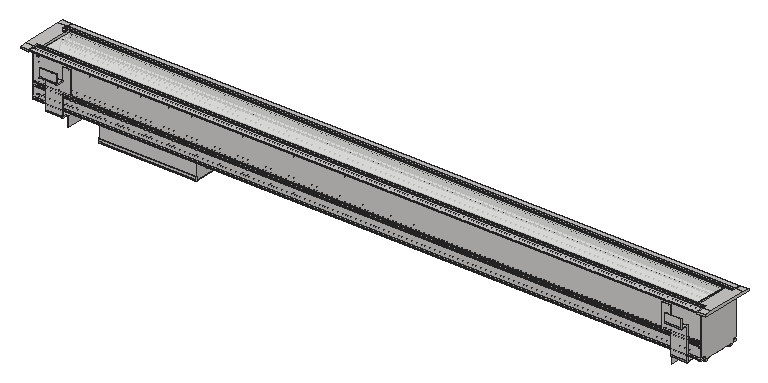
Revit family "CLighting-Luminii-Vesta_2_G", category Lighting Fixtures, host Face, Revit 2020
Family settings
  Host = Face
  Round Connector Dimension = Use Diameter
  Part Type = Normal
  OmniClass Number = 23.80.70.11.14.21
  OmniClass Title = Spots and Tracklight Specialties
  Cut with Voids When Loaded = No
  Light Source = Yes
  Shared = Yes
  Room Calculation Point = No
Parameters (values of type "Vesta 2 G - 4'")
  Width = 3.8189"  # constant formula
  Wattage Comments = "3.8 W"
  Wattage = 3.8 W
  Warranty URL = "https://www.luminii.com/terms-conditions/"
  built-in parameter 1150110 = 1 (stored number, unit not read)
  Voltage Comments = "120/277/347V"  # constant formula
  Voltage = 120 V
  Version = "2020 - v1.0a"  # constant formula
  URL = "https://www.luminii.com/"
  built-in parameter 1114217 = 1 (stored number, unit not read)
  Tilt Angle = -90.00°  # constant formula
  built-in parameter 1150109 = 1 (stored number, unit not read)
  built-in parameter 1150134 = (empty or 0)
  built-in parameter 1150113 = 1 (stored number, unit not read)
  Support Phone = "224-699-9545"  # constant formula
  Support Email = "mailto:support@bimsmith.com"
  Slot Bracket Height (1-11/16") [instance] = not([Slot Bracket Height (1-1/2")])  # no
  Slot Bracket Height (1-1/2") [instance] = yes
  Right Junction Box [instance] = not(Left Junction Box)  # no
  Right Cap [instance] = yes
  Product Page URL = "https://www.luminii.com/product/vesta-2-g/"
  Power Source Type = "Driver"  # constant formula
  Power Factor = 1
  Photometric Web File = "359-90-4-35-25-XX-04.ies"
  Phase = 1
  Operating Temperature = "Consult Manufacturer Website for more Information"  # constant formula
  Number of Poles = if(and(or(Voltage = 120 V, Voltage = 277 V), Phase = 1), 1, if(and(or(Voltage = 208 V, Voltage = 240 V), Phase = 1), 2, if(and(or(Voltage = 208 V, Voltage = 240 V), Phase = 3), 3, if(and(Voltage > 300 V, Phase = 1), 2, if(and(Voltage > 400 V, Phase = 3), 3, 1)))))  # 1
  Mounting Method = "Designed for suspended T-grid ceilings"  # constant formula
  Model = "Consult Manufacturer for More Information"  # constant formula
  Manufacturer Phone Number = "403-216-7043"  # constant formula
  Manufacturer Email = "mailto: info@sensolighting.com"
  Manufacturer Address = "302 50 Ave SE. Calgary, Alberta, T2G 2A9 Canada"  # constant formula
  Manufacturer = "Luminii"  # constant formula
  built-in parameter 1150105 = 51.407 (stored number, unit not read)
  Lumens = 646 lm
  Luminaire Type = "Recessed LED system designed for suspended T-grid ceilings"  # constant formula
  built-in parameter 1150115 = 1 (stored number, unit not read)
  Load Classification = Lighting
  built-in parameter 1150137 = (empty or 0)
  built-in parameter 1150139 = (empty or 0)
  Length = if(Constraints = 1, 24", if(Constraints = 2, 48", if(Constraints = 3, 60", if(Constraints = 4, 72", if(Constraints = 5, 96", if(Constraints = 6, 120", if(Constraints = 7, 144", 24")))))))  # 48"
  Left Junction Box [instance] = yes
  Left Cap [instance] = yes
  built-in parameter 1150112 = 1 (stored number, unit not read)
  built-in parameter 1150114 = 1 (stored number, unit not read)
  Lamp Life = 1
  Lamp = "N/A"  # constant formula
  Keynote = "26 50 00"
  built-in parameter 1150132 = (empty or 0)
  built-in parameter 1150102 = (empty or 0)
  built-in parameter 1150107 = 3500 (stored number, unit not read)
  built-in parameter 1150138 = (empty or 0)
  built-in parameter 1150106 = 0.51407 (stored number, unit not read)
  Housing Protection Rating = "Consult Manufacturer Website for more Information"  # constant formula
  Has Dimming = 1 = 1  # yes
  Has Battery Backup = 1 = 1  # yes
  Frequency Comments = ""  # constant formula
  Frequency = 60 Hz
  Finish = Metal - Luminii - Silver Anodized Aluminum
  Environment = "Indoor"  # constant formula
  Emit from Rectangle Width = 2.39528"  # constant formula
  Emit from Rectangle Length = Length - 0.56" * 2  # 46.88"
  Emit Shape Visible in Rendering = no
  built-in parameter 1150104 = 15.794 (stored number, unit not read)
  Dimming Type = "Consult Manufacturer Website for more Information"  # constant formula
  Dimming Lamp Color Temperature Shift = <None>
  Description = "T-grid linear lighting"  # constant formula
  Depth = 3.54331"  # constant formula
  Default Elevation = 0"  # constant formula
  Current Amps = 50 A
  Copyright = "©2023 Luminii"  # constant formula
  Control Zone = "Consult Manufacturer Website for more Information"  # constant formula
  Control Type = "Consult Manufacturer Website for more Information"  # constant formula
  Constraints = 2
  Color Filter = 16777215
  built-in parameter 1114216 [instance] = 0  # (empty or 0)
  built-in parameter 1140040 [instance] = 1 = 1  # 1
  C Right Cap Offset [instance] = if(Right Cap, 0.3752", 0")  # 0.3752"
  C Length Mid = Length / 2  # 24"
  C Left Cap Offset [instance] = if(Left Cap, 0.3752", 0")  # 0.3752"
  C End Cap Right [instance] = if(Right Cap, 0.04764", 0")  # 0.04764"
  C End Cap Left [instance] = if(Left Cap, 0.04764", 0")  # 0.04764"
  built-in parameter 1114218 = 1 (stored number, unit not read)
  built-in parameter 1150133 = 10 (stored number, unit not read)
  Assembly Code = "D5020230"
  Apparent Load = Wattage / Power Factor  # 3.8 VA
Types (5): name | Photometric Web File | Length | Emit from Rectangle Length | Constraints | C Length Mid
  Vesta 2 G - 4' | "359-90-4-35-25-XX-04.ies" | 48" | 46.88" | 2 | 24"
  Vesta 2 G - 6' | "359-90-4-35-25-XX-06.ies" | 72" | 70.88" | 4 | 36"
  Vesta 2 G - 8' | "359-90-4-35-25-XX-08.ies" | 96" | 94.88" | 5 | 48"
  Vesta 2 G - 10' | "359-90-4-35-25-XX-10.ies" | 120" | 118.88" | 6 | 60"
  Vesta 2 G - 12' | "359-90-4-35-25-XX-12.ies" | 144" | 142.88" | 7 | 72"
Reference planes (in)
  plane 1 "Center (Front/Back)": y = 0
  plane 2: z = 0
  plane 3 "Center (Left/Right)": x = 0
  plane 4: x = -24
  plane 5: x = 24
  plane 6: y = 1.90945
  plane 7: y = -1.90945
  plane 8 "A": z = 0
  plane 9: x = -24.04764
  plane 10: x = 24.04764
Forms (in)
  Extrusion 1, solid, material "Metal - Luminii - Silver Anodized Aluminum", not visible
    sketch origin (0, 0, 0) x (1, 0, 0) y (0, 1, 0)
      loop
        circle (0, 0) r 0.5
    from 0 to -0.17225
Dimensions and locks (in)
  equal spacing: plane 4, plane 3 "Center (Left/Right)", plane 5
  equal spacing: plane 6, plane 1 "Center (Front/Back)", plane 7
  "Width": plane 6 to plane 7
  "C End Cap Right": plane 5 to plane 10
  "C End Cap Left": plane 9 to plane 4
  "C Length Mid": plane 4 to plane 3 "Center (Left/Right)"
  "C Length Mid": plane 3 "Center (Left/Right)" to plane 5
  locked: imposter light to host face at 0.14173
  aligned and locked: host face to plane 2
  aligned and locked: plane 3 "Center (Left/Right)" to Extrusion 1 sketch curve
  aligned and locked: plane 1 "Center (Front/Back)" to Extrusion 1 sketch curve
  aligned and locked: plane 2 to Extrusion 1  (x2)
  aligned and locked: nested 1 to plane 4
  aligned and locked: plane 1 "Center (Front/Back)" to nested 1
  aligned and locked: imposter light to plane 1 "Center (Front/Back)"
  aligned and locked: plane 3 "Center (Left/Right)" to imposter light
Automatic sketch dimensions
  host sketch curve to host sketch curve = 193.24349"
  host sketch curve to host sketch curve = 99"
  radius of Extrusion 1 sketch curve = 1/2"
Nested families (in)
  nested 1: "Nested - Track" at (0, 0, 0), type "Nested - Track"
    with Slot Bracket Height Option 1 no, Slot Bracket Height 1.25787", Right Junction Box no, Length 48"
Connectors (in)
  electrical at (0, 0, 0), driven by "Number of Poles", driven by "Load Classification", driven by "Voltage", driven by "Apparent Load", driven by "Power Factor"
    settings: on Extrusion 1, index 1, voltage 120 V, apparent load 3.8 VA, apparent load phase1 0 VA, apparent load phase2 0 VA, apparent load phase3 0 VA, power factor 1, load classification "Lighting", number of poles 1, system type 30, power factor state 1, is connector primary yes, connector utility no, sub classification motor no, connector description "Power Connection"
Definition of nested family "Nested - Track"
  Parameters (values of type "Nested - Track")
    Slot Bracket Height Option 1 = yes
    Slot Bracket Height = if(Slot Bracket Height Option 1, 1.44252", 1.25787")  # 1.44252"
    Right Junction Box = yes
    Right Cap = yes
    Light = none
    Length = 46 5/8"
    Left Junction Box = yes
    Left Cap = yes
    Finish = none
    Default Elevation = 48"
  Reference planes (in)
    plane 1 "Center (Front/Back)": y = 0
    plane 2: z = 0
    plane 3 "Center (Left/Right)": x = 0
    plane 4: x = -23.3125
    plane 5: x = 23.3125
  Forms (in)
    Extrusion 1, solid
      sketch origin (0, 0, 0) x (1, 0, 0) y (0, 1, 0)
        loop
          line (-48, 48) -> (-48, -48) -> (48, -48) -> (48, 48) -> (-48, 48)
      from 0 to -12
    Sweep 2, solid, material <- "Finish", detail levels fine
      path origin (0, 0, 0) x (1, 0, 0) y (0, 1, 0)
        loop
          line (-23.3125, 0) -> (23.3125, 0)
      profile origin (0, 0, 0) x (0, 1, 0) y (0, 0, 1)
        loop
          line (1.39452, -0.11811) -> (1.43051, -0.1541)
          arc (1.43051, -0.1541) -> (1.44758, -0.17965) -> (1.45357, -0.20978) r 0.07874
          line (1.45357, -0.20978) -> (1.45357, -0.25585)
          arc (1.45357, -0.25585) -> (1.32562, -0.38381) -> (1.19767, -0.25585) r 0.12795
          line (1.19767, -0.25585) -> (1.19767, -0.20978)
          arc (1.19767, -0.20978) -> (1.20366, -0.17965) -> (1.22073, -0.1541) r 0.07874
          line (1.22073, -0.1541) -> (1.25672, -0.11811) -> (1.25672, 0.15748) -> (1.19767, 0.15748) -> (1.19767, 0.08268)
          arc (1.19767, 0.08268) -> (1.1919, 0.06876) -> (1.17798, 0.06299) r 0.01969
          line (1.17798, 0.06299) -> (1.10121, 0.06299) -> (1.05973, 0.02151) -> (1.07365, -0.03543) -> (1.14648, -0.03543)
          arc (1.14648, -0.03543) -> (1.1604, -0.0412) -> (1.16617, -0.05512) r 0.01969
          line (1.16617, -0.05512) -> (1.16617, -0.13051) -> (1.07115, -0.34394) -> (1.12114, -0.39393)
          arc (1.12114, -0.39393) -> (1.20285, -0.46954) -> (1.09383, -0.49207) r 0.0626
          arc (1.09383, -0.49207) -> (1.03847, -0.48615) -> (1.03255, -0.54151) r 0.03937
          arc (1.03255, -0.54151) -> (1.05641, -0.56481) -> (1.08506, -0.58187) r 0.14134
          line (1.08506, -0.58187) -> (1.1289, -0.6014)
          arc (1.1289, -0.6014) -> (1.15399, -0.66674) -> (1.08864, -0.69182) r 0.04949
          line (1.08864, -0.69182) -> (0.96276, -0.63578)
          arc (0.96276, -0.63578) -> (0.9477, -0.63538) -> (0.93677, -0.64575) r 0.01969
          line (0.93677, -0.64575) -> (0.90794, -0.71049) -> (1.12371, -0.80656)
          arc (1.12371, -0.80656) -> (1.15546, -0.88926) -> (1.07276, -0.921) r 0.06264
          line (1.07276, -0.921) -> (0.85699, -0.82494) -> (0.80415, -0.94363) -> (0.87608, -0.97565) -> (0.92806, -0.9557) -> (1.03596, -1.00374)
          arc (1.03596, -1.00374) -> (1.17425, -0.99681) -> (1.25046, -0.88121) r 0.15319
          line (1.25046, -0.88121) -> (1.28422, -0.58608)
          arc (1.28422, -0.58608) -> (1.29713, -0.56117) -> (1.32334, -0.55118) r 0.03937
          line (1.32334, -0.55118) -> (1.4142, -0.55118)
          arc (1.4142, -0.55118) -> (1.44204, -0.56271) -> (1.45357, -0.59055) r 0.03937
          line (1.45357, -0.59055) -> (1.45357, -1.21598) -> (1.42601, -1.27615) -> (1.42601, -1.40102) -> (1.45357, -1.46119) -> (1.45357, -1.7126)
          arc (1.45357, -1.7126) -> (1.44204, -1.74044) -> (1.4142, -1.75197) r 0.03937
          line (1.4142, -1.75197) -> (1.32125, -1.75197)
          arc (1.32125, -1.75197) -> (1.29595, -1.74276) -> (1.28248, -1.71943) r 0.03937
          line (1.28248, -1.71943) -> (1.26253, -1.6063) -> (1.18379, -1.6063) -> (1.18379, -1.84252) -> (1.45357, -1.84252) -> (1.45357, -1.99942) -> (1.31184, -2.08125)
          arc (1.31184, -2.08125) -> (1.27149, -2.1216) -> (1.25672, -2.17672) r 0.11024
          line (1.25672, -2.17672) -> (1.25672, -2.40685)
          arc (1.25672, -2.40685) -> (1.30248, -2.49626) -> (1.40177, -2.51144) r 0.11024
          arc (1.40177, -2.51144) -> (1.43723, -2.51687) -> (1.45357, -2.5488) r 0.03937
          line (1.45357, -2.5488) -> (1.45357, -2.6811)
          arc (1.45357, -2.6811) -> (1.44204, -2.70894) -> (1.4142, -2.72047) r 0.03937
          line (1.4142, -2.72047) -> (1.29609, -2.72047)
          arc (1.29609, -2.72047) -> (1.26624, -2.73418) -> (1.25717, -2.76575) r 0.03937
          arc (1.25717, -2.76575) -> (1.26624, -2.79732) -> (1.29609, -2.81102) r 0.03937
          line (1.29609, -2.81102) -> (1.4142, -2.81102)
          arc (1.4142, -2.81102) -> (1.44204, -2.82255) -> (1.45357, -2.85039) r 0.03937
          line (1.45357, -2.85039) -> (1.45357, -2.88976)
          arc (1.45357, -2.88976) -> (1.44203, -2.91762) -> (1.41416, -2.92913) r 0.03937
          line (1.41416, -2.92913) -> (0.35121, -2.92913)
          arc (0.35121, -2.92913) -> (0.33729, -2.9349) -> (0.33152, -2.94882) r 0.01969
          line (0.33152, -2.94882) -> (0.33152, -3.15748)
          arc (0.33152, -3.15748) -> (0.32576, -3.1714) -> (0.31184, -3.17717) r 0.01969
          line (0.31184, -3.17717) -> (0.25278, -3.17717)
          arc (0.25278, -3.17717) -> (0.23886, -3.1714) -> (0.2331, -3.15748) r 0.01969
          line (0.2331, -3.15748) -> (0.2331, -2.94882)
          arc (0.2331, -2.94882) -> (0.22733, -2.9349) -> (0.21341, -2.92913) r 0.01969
          line (0.21341, -2.92913) -> (0, -2.92913) -> (-0.21341, -2.92913)
          arc (-0.21341, -2.92913) -> (-0.22733, -2.9349) -> (-0.2331, -2.94882) r 0.01969
          line (-0.2331, -2.94882) -> (-0.2331, -3.15748)
          arc (-0.2331, -3.15748) -> (-0.23886, -3.1714) -> (-0.25278, -3.17717) r 0.01969
          line (-0.25278, -3.17717) -> (-0.31184, -3.17717)
          arc (-0.31184, -3.17717) -> (-0.32576, -3.1714) -> (-0.33152, -3.15748) r 0.01969
          line (-0.33152, -3.15748) -> (-0.33152, -2.94882)
          arc (-0.33152, -2.94882) -> (-0.33729, -2.9349) -> (-0.35121, -2.92913) r 0.01969
          line (-0.35121, -2.92913) -> (-1.41416, -2.92913)
          arc (-1.41416, -2.92913) -> (-1.44203, -2.91762) -> (-1.45357, -2.88976) r 0.03937
          line (-1.45357, -2.88976) -> (-1.45357, -2.85039)
          arc (-1.45357, -2.85039) -> (-1.44204, -2.82255) -> (-1.4142, -2.81102) r 0.03937
          line (-1.4142, -2.81102) -> (-1.29609, -2.81102)
          arc (-1.29609, -2.81102) -> (-1.26624, -2.79732) -> (-1.25717, -2.76575) r 0.03937
          arc (-1.25717, -2.76575) -> (-1.26624, -2.73418) -> (-1.29609, -2.72047) r 0.03937
          line (-1.29609, -2.72047) -> (-1.4142, -2.72047)
          arc (-1.4142, -2.72047) -> (-1.44204, -2.70894) -> (-1.45357, -2.6811) r 0.03937
          line (-1.45357, -2.6811) -> (-1.45357, -2.5488)
          arc (-1.45357, -2.5488) -> (-1.43723, -2.51687) -> (-1.40177, -2.51144) r 0.03937
          arc (-1.40177, -2.51144) -> (-1.30248, -2.49626) -> (-1.25672, -2.40685) r 0.11024
          line (-1.25672, -2.40685) -> (-1.25672, -2.17672)
          arc (-1.25672, -2.17672) -> (-1.27149, -2.1216) -> (-1.31184, -2.08125) r 0.11024
          line (-1.31184, -2.08125) -> (-1.45357, -1.99942) -> (-1.45357, -1.84252) -> (-1.18379, -1.84252) -> (-1.18379, -1.6063) -> (-1.26253, -1.6063) -> (-1.28248, -1.71943)
          arc (-1.28248, -1.71943) -> (-1.29595, -1.74276) -> (-1.32125, -1.75197) r 0.03937
          line (-1.32125, -1.75197) -> (-1.4142, -1.75197)
          arc (-1.4142, -1.75197) -> (-1.44204, -1.74044) -> (-1.45357, -1.7126) r 0.03937
          line (-1.45357, -1.7126) -> (-1.45357, -1.46119) -> (-1.42601, -1.40102) -> (-1.42601, -1.27615) -> (-1.45357, -1.21598) -> (-1.45357, -0.59055)
          arc (-1.45357, -0.59055) -> (-1.44204, -0.56271) -> (-1.4142, -0.55118) r 0.03937
          line (-1.4142, -0.55118) -> (-1.32334, -0.55118)
          arc (-1.32334, -0.55118) -> (-1.29713, -0.56117) -> (-1.28422, -0.58608) r 0.03937
          line (-1.28422, -0.58608) -> (-1.25046, -0.88121)
          arc (-1.25046, -0.88121) -> (-1.17425, -0.99681) -> (-1.03596, -1.00374) r 0.15319
          line (-1.03596, -1.00374) -> (-0.92806, -0.9557) -> (-0.87608, -0.97565) -> (-0.80415, -0.94363) -> (-0.85699, -0.82494) -> (-1.07276, -0.921)
          arc (-1.07276, -0.921) -> (-1.15546, -0.88926) -> (-1.12371, -0.80656) r 0.06264
          line (-1.12371, -0.80656) -> (-0.90794, -0.71049) -> (-0.93677, -0.64575)
          arc (-0.93677, -0.64575) -> (-0.9477, -0.63538) -> (-0.96276, -0.63578) r 0.01969
          line (-0.96276, -0.63578) -> (-1.08864, -0.69182)
          arc (-1.08864, -0.69182) -> (-1.15399, -0.66674) -> (-1.1289, -0.6014) r 0.04949
          line (-1.1289, -0.6014) -> (-1.08506, -0.58187)
          arc (-1.08506, -0.58187) -> (-1.05641, -0.56481) -> (-1.03255, -0.54151) r 0.14134
          arc (-1.03255, -0.54151) -> (-1.03847, -0.48615) -> (-1.09383, -0.49207) r 0.03937
          arc (-1.09383, -0.49207) -> (-1.20285, -0.46954) -> (-1.12114, -0.39393) r 0.0626
          line (-1.12114, -0.39393) -> (-1.07115, -0.34394) -> (-1.16617, -0.13051) -> (-1.16617, -0.05512)
          arc (-1.16617, -0.05512) -> (-1.1604, -0.0412) -> (-1.14648, -0.03543) r 0.01969
          line (-1.14648, -0.03543) -> (-1.07365, -0.03543) -> (-1.05973, 0.02151) -> (-1.10121, 0.06299) -> (-1.17798, 0.06299)
          arc (-1.17798, 0.06299) -> (-1.1919, 0.06876) -> (-1.19767, 0.08268) r 0.01969
          line (-1.19767, 0.08268) -> (-1.19767, 0.15748) -> (-1.25672, 0.15748) -> (-1.25672, -0.11811) -> (-1.22073, -0.1541)
          arc (-1.22073, -0.1541) -> (-1.20366, -0.17965) -> (-1.19767, -0.20978) r 0.07874
          line (-1.19767, -0.20978) -> (-1.19767, -0.25585)
          arc (-1.19767, -0.25585) -> (-1.32562, -0.38381) -> (-1.45357, -0.25585) r 0.12795
          line (-1.45357, -0.25585) -> (-1.45357, -0.20978)
          arc (-1.45357, -0.20978) -> (-1.44758, -0.17965) -> (-1.43051, -0.1541) r 0.07874
          line (-1.43051, -0.1541) -> (-1.39452, -0.11811) -> (-1.39452, 0.15748) -> (-1.45357, 0.15748) -> (-1.92145, 0.11655) -> (-1.91642, 0.05906) -> (-1.85582, 0.05906) -> (-1.56552, 0.08445)
          arc (-1.56552, 0.08445) -> (-1.55051, 0.07936) -> (-1.54412, 0.06484) r 0.01969
          line (-1.54412, 0.06484) -> (-1.54412, -2.02897)
          arc (-1.54412, -2.02897) -> (-1.53885, -2.04866) -> (-1.52444, -2.06307) r 0.03937
          line (-1.52444, -2.06307) -> (-1.34727, -2.16535) -> (-1.34727, -2.22181)
          arc (-1.34727, -2.22181) -> (-1.35711, -2.23886) -> (-1.3768, -2.23886) r 0.01969
          line (-1.3768, -2.23886) -> (-1.48275, -2.17769)
          arc (-1.48275, -2.17769) -> (-1.5386, -2.19269) -> (-1.52366, -2.24855) r 0.04091
          line (-1.52366, -2.24855) -> (-1.34727, -2.35039) -> (-1.34727, -2.40685)
          arc (-1.34727, -2.40685) -> (-1.35711, -2.4239) -> (-1.3768, -2.4239) r 0.01969
          line (-1.3768, -2.4239) -> (-1.48507, -2.36139)
          arc (-1.48507, -2.36139) -> (-1.52444, -2.36139) -> (-1.54412, -2.39548) r 0.03937
          line (-1.54412, -2.39548) -> (-1.54412, -3.01968) -> (-1.26853, -3.01969)
          arc (-1.26853, -3.01969) -> (-1.20581, -3.08232) -> (-1.26853, -3.14496) r 0.06264
          line (-1.26853, -3.14496) -> (-1.54412, -3.14496) -> (-1.54412, -3.21583)
          arc (-1.54412, -3.21583) -> (-1.53836, -3.22975) -> (-1.52444, -3.23551) r 0.01969
          line (-1.52444, -3.23551) -> (-1.18192, -3.23551)
          arc (-1.18192, -3.23551) -> (-1.168, -3.24128) -> (-1.16223, -3.2552) r 0.01969
          line (-1.16223, -3.2552) -> (-1.16223, -3.36614)
          arc (-1.16223, -3.36614) -> (-1.15647, -3.38006) -> (-1.14255, -3.38583) r 0.01969
          line (-1.14255, -3.38583) -> (-1.10318, -3.38583)
          arc (-1.10318, -3.38583) -> (-1.08926, -3.38006) -> (-1.08349, -3.36614) r 0.01969
          line (-1.08349, -3.36614) -> (-1.08349, -3.17717)
          arc (-1.08349, -3.17717) -> (-1.07773, -3.16325) -> (-1.06381, -3.15748) r 0.01969
          line (-1.06381, -3.15748) -> (-1.0041, -3.15748) -> (-0.94718, -3.27953) -> (-0.87817, -3.27953)
          arc (-0.87817, -3.27953) -> (-0.86157, -3.27042) -> (-0.86033, -3.25152) r 0.01969
          line (-0.86033, -3.25152) -> (-0.95538, -3.04769)
          arc (-0.95538, -3.04769) -> (-0.95414, -3.02879) -> (-0.93754, -3.01968) r 0.01969
          line (-0.93754, -3.01968) -> (-0.42207, -3.01968) -> (-0.42207, -3.22835)
          arc (-0.42207, -3.22835) -> (-0.41054, -3.25619) -> (-0.3827, -3.26772) r 0.03937
          line (-0.3827, -3.26772) -> (0, -3.26772) -> (0.3827, -3.26772)
          arc (0.3827, -3.26772) -> (0.41054, -3.25619) -> (0.42207, -3.22835) r 0.03937
          line (0.42207, -3.22835) -> (0.42207, -3.01968) -> (0.93754, -3.01968)
          arc (0.93754, -3.01968) -> (0.95414, -3.02879) -> (0.95538, -3.04769) r 0.01969
          line (0.95538, -3.04769) -> (0.86033, -3.25152)
          arc (0.86033, -3.25152) -> (0.86157, -3.27042) -> (0.87817, -3.27953) r 0.01969
          line (0.87817, -3.27953) -> (0.94718, -3.27953) -> (1.0041, -3.15748) -> (1.06381, -3.15748)
          arc (1.06381, -3.15748) -> (1.07773, -3.16325) -> (1.08349, -3.17717) r 0.01969
          line (1.08349, -3.17717) -> (1.08349, -3.36614)
          arc (1.08349, -3.36614) -> (1.08926, -3.38006) -> (1.10318, -3.38583) r 0.01969
          line (1.10318, -3.38583) -> (1.14255, -3.38583)
          arc (1.14255, -3.38583) -> (1.15647, -3.38006) -> (1.16223, -3.36614) r 0.01969
          line (1.16223, -3.36614) -> (1.16223, -3.2552)
          arc (1.16223, -3.2552) -> (1.168, -3.24128) -> (1.18192, -3.23551) r 0.01969
          line (1.18192, -3.23551) -> (1.52444, -3.23551)
          arc (1.52444, -3.23551) -> (1.53836, -3.22975) -> (1.54412, -3.21583) r 0.01969
          line (1.54412, -3.21583) -> (1.54412, -3.14496) -> (1.26853, -3.14496)
          arc (1.26853, -3.14496) -> (1.20581, -3.08232) -> (1.26853, -3.01969) r 0.06264
          line (1.26853, -3.01969) -> (1.54412, -3.01968) -> (1.54412, -2.39548)
          arc (1.54412, -2.39548) -> (1.52444, -2.36139) -> (1.48507, -2.36139) r 0.03937
          line (1.48507, -2.36139) -> (1.3768, -2.4239)
          arc (1.3768, -2.4239) -> (1.35711, -2.4239) -> (1.34727, -2.40685) r 0.01969
          line (1.34727, -2.40685) -> (1.34727, -2.35039) -> (1.52366, -2.24855)
          arc (1.52366, -2.24855) -> (1.5386, -2.19269) -> (1.48275, -2.17769) r 0.04091
          line (1.48275, -2.17769) -> (1.3768, -2.23886)
          arc (1.3768, -2.23886) -> (1.35711, -2.23886) -> (1.34727, -2.22181) r 0.01969
          line (1.34727, -2.22181) -> (1.34727, -2.16535) -> (1.52444, -2.06307)
          arc (1.52444, -2.06307) -> (1.53885, -2.04866) -> (1.54412, -2.02897) r 0.03937
          line (1.54412, -2.02897) -> (1.54412, 0.06484)
          arc (1.54412, 0.06484) -> (1.55051, 0.07936) -> (1.56552, 0.08445) r 0.01969
          line (1.56552, 0.08445) -> (1.85582, 0.05906) -> (1.91642, 0.05906) -> (1.92145, 0.11655) -> (1.45357, 0.15748) -> (1.39452, 0.15748) -> (1.39452, -0.11811)
    Extrusion 3, solid, material <- "Light"
      sketch origin (0, 0, 0.05906) x (0, 1, 0) y (0, 0, 1)
        loop
          arc (-1.14092, 0.08268) -> (-1.17039, 0.07115) -> (-1.18192, 0.04331) r 0.03937
          line (-1.18192, 0.04331) -> (-1.18192, 0.00394) -> (-1.04412, 0.00394) -> (-1.04412, -0.07172) -> (-1.08011, -0.10771)
          arc (-1.08011, -0.10771) -> (-1.10318, -0.16339) -> (-1.08011, -0.21906) r 0.07874
          line (-1.08011, -0.21906) -> (-1.03502, -0.26416)
          arc (-1.03502, -0.26416) -> (-0.99883, -0.26416) -> (-0.99883, -0.22797) r 0.02559
          line (-0.99883, -0.22797) -> (-1.06341, -0.16339) -> (-0.99294, -0.09292) -> (-0.99294, 0.00394) -> (0.99294, 0.00394) -> (0.99294, -0.09292) -> (1.06341, -0.16339) -> (0.99883, -0.22797)
          arc (0.99883, -0.22797) -> (0.99883, -0.26416) -> (1.03502, -0.26416) r 0.02559
          line (1.03502, -0.26416) -> (1.08011, -0.21906)
          arc (1.08011, -0.21906) -> (1.10318, -0.16339) -> (1.08011, -0.10771) r 0.07874
          line (1.08011, -0.10771) -> (1.04412, -0.07172) -> (1.04412, 0.00394) -> (1.18192, 0.00394) -> (1.18192, 0.04331)
          arc (1.18192, 0.04331) -> (1.17039, 0.07115) -> (1.14255, 0.08268) r 0.03937
          line (1.14255, 0.08268) -> (-1.14092, 0.08268)
      from -22.75 to 22.75
    Sweep 4, solid, material <- "Finish", detail levels coarse+medium
      path origin (0, 0, 0) x (1, 0, 0) y (0, 1, 0)
        loop
          line (-23.3125, 0) -> (23.3125, 0)
      profile origin (0, 0, 0) x (0, 1, 0) y (0, 0, 1)
        loop
          line (1.45357, -1.75197) -> (1.28822, -1.75197) -> (1.26253, -1.6063) -> (1.18379, -1.6063) -> (1.18379, -1.84252) -> (1.45357, -1.84252) -> (1.45357, -2.92913) -> (-0.02543, -2.92913) -> (-1.45357, -2.92913) -> (-1.45357, -1.84252) -> (-1.18379, -1.84252) -> (-1.18379, -1.6063) -> (-1.26253, -1.6063) -> (-1.28822, -1.75197) -> (-1.45357, -1.75197) -> (-1.45357, -0.59055)
          arc (-1.45357, -0.59055) -> (-1.44204, -0.56271) -> (-1.4142, -0.55118) r 0.03937
          line (-1.4142, -0.55118) -> (-1.32334, -0.55118)
          arc (-1.32334, -0.55118) -> (-1.29713, -0.56117) -> (-1.28422, -0.58608) r 0.03937
          line (-1.28422, -0.58608) -> (-1.25046, -0.88121)
          arc (-1.25046, -0.88121) -> (-1.17425, -0.99681) -> (-1.03596, -1.00374) r 0.15319
          line (-1.03596, -1.00374) -> (-0.92806, -0.9557) -> (-0.87608, -0.97565) -> (-0.80415, -0.94363) -> (-1.16617, -0.13051) -> (-1.16617, -0.05512)
          arc (-1.16617, -0.05512) -> (-1.1604, -0.0412) -> (-1.14648, -0.03543) r 0.01969
          line (-1.14648, -0.03543) -> (-1.07365, -0.03543) -> (-1.05973, 0.02151) -> (-1.10121, 0.06299) -> (-1.17798, 0.06299)
          arc (-1.17798, 0.06299) -> (-1.1919, 0.06876) -> (-1.19767, 0.08268) r 0.01969
          line (-1.19767, 0.08268) -> (-1.19767, 0.15748) -> (-1.45357, 0.15748) -> (-1.92145, 0.11655) -> (-1.91642, 0.05906) -> (-1.54412, 0.05906) -> (-1.54412, -3.23551) -> (-1.16223, -3.23551) -> (-1.16223, -3.38583) -> (-1.08349, -3.38583) -> (-1.08349, -3.01968) -> (-0.42207, -3.01968) -> (-0.42207, -3.26772) -> (0, -3.26772) -> (0.42207, -3.26772) -> (0.42207, -3.01968) -> (1.08349, -3.01968) -> (1.08349, -3.38583) -> (1.16223, -3.38583) -> (1.16223, -3.23551) -> (1.54412, -3.23551) -> (1.54412, 0.05906) -> (1.91642, 0.05906) -> (1.92145, 0.11655) -> (1.45357, 0.15748) -> (1.19767, 0.15748) -> (1.19767, 0.08268)
          arc (1.19767, 0.08268) -> (1.1919, 0.06876) -> (1.17798, 0.06299) r 0.01969
          line (1.17798, 0.06299) -> (1.10121, 0.06299) -> (1.05973, 0.02151) -> (1.07365, -0.03543) -> (1.14648, -0.03543)
          arc (1.14648, -0.03543) -> (1.1604, -0.0412) -> (1.16617, -0.05512) r 0.01969
          line (1.16617, -0.05512) -> (1.16617, -0.13051) -> (0.80415, -0.94363) -> (0.87608, -0.97565) -> (0.92806, -0.9557) -> (1.03596, -1.00374)
          arc (1.03596, -1.00374) -> (1.17425, -0.99681) -> (1.25046, -0.88121) r 0.15319
          line (1.25046, -0.88121) -> (1.28422, -0.58608)
          arc (1.28422, -0.58608) -> (1.29713, -0.56117) -> (1.32334, -0.55118) r 0.03937
          line (1.32334, -0.55118) -> (1.4142, -0.55118)
          arc (1.4142, -0.55118) -> (1.44204, -0.56271) -> (1.45357, -0.59055) r 0.03937
          line (1.45357, -0.59055) -> (1.45357, -1.75197)
    Extrusion 5, solid, material <- "Finish"
      sketch origin (0, 0, 0) x (0, 1, 0) y (0, 0, 1)
        loop
          line (1.04821, -0.31522) -> (0.56, -1.41176) -> (-0.56, -1.41176) -> (-1.04821, -0.31522) -> (-1.07734, -0.32819) -> (-0.58121, -1.44252) -> (0.58121, -1.44252) -> (1.07734, -0.32819) -> (1.04821, -0.31522)
      from -23.3125 to 23.3125
  Lines and regions (in)
    reference lines
      curve 1: line (0, 2.52411, -1.44252) -> (0, -2.97589, -1.44252)
      curve 2: line (22.32825, 0, -9.15777) -> (22.32825, 0, 2.09223)
      curve 3: line (-22.32825, 0, -9.15777) -> (-22.32825, 0, 2.09223)
      curve 4: line (35.6875, 0, -4.71932) -> (-33.3125, 0, -4.71932)
  Dimensions and locks (in)
    equal spacing: plane 4, plane 3 "Center (Left/Right)", plane 5
    "Length": plane 4 to plane 5
    locked: plane 4 to Extrusion 3 at 0.5625
    locked: Extrusion 3 to plane 5 at 0.5625
    locked: plane 5 to curve 2 at 0.98425
    locked: curve 3 to plane 4 at 0.98425
    locked: nested 6 to plane 4 at 4.375
    locked: plane 5 to nested 5 at 4.375
    locked: level to curve 4 at 4.71932
    "Slot Bracket Height": Extrusion 1 to curve 1
    aligned and locked: plane 2 to Extrusion 1
    aligned and locked: level to Extrusion 1
    aligned and locked: plane 4 to Sweep 2 sketch curve
    aligned and locked: plane 1 "Center (Front/Back)" to Sweep 2 sketch curve
    aligned and locked: plane 5 to Sweep 2 sketch curve
    aligned and locked: plane 4 to Sweep 4 sketch curve
    aligned and locked: plane 5 to Sweep 4 sketch curve
    aligned and locked: plane 1 "Center (Front/Back)" to Sweep 4 sketch curve
    aligned and locked: plane 1 "Center (Front/Back)" to nested 1
    aligned and locked: nested 2 to plane 1 "Center (Front/Back)"
    aligned and locked: plane 4 to nested 2
    aligned and locked: plane 5 to nested 1
    aligned and locked: nested 3 to curve 1
    aligned and locked: plane 1 "Center (Front/Back)" to nested 3
    aligned and locked: curve 2 to nested 3
    aligned and locked: curve 1 to nested 4
    aligned and locked: nested 4 to plane 1 "Center (Front/Back)"
    aligned and locked: curve 3 to nested 4
    aligned and locked: plane 1 "Center (Front/Back)" to nested 5
    aligned and locked: Extrusion 5 to plane 4
    aligned and locked: plane 5 to Extrusion 5
    aligned and locked: nested 6 to curve 4
    aligned and locked: curve 4 to nested 5
  Automatic sketch dimensions
    Extrusion 1 sketch curve to Extrusion 1 sketch curve = 96"  (x2)
    Sweep 2 sketch curve to Sweep 2 sketch curve = 0"  (x51)
    Sweep 2 sketch curve to profile plane = 0"  (x2)
    profile plane to Sweep 2 sketch curve = 0.21341"
    Sweep 2 sketch curve to Sweep 2 sketch curve = 0.01969"  (x37)
    Sweep 2 sketch curve to Sweep 2 sketch curve = 0.01968"  (x4)
    Sweep 2 sketch curve to Sweep 2 sketch curve = 0.05906"  (x4)
    Sweep 2 sketch curve to Sweep 2 sketch curve = 0.09843"
    Sweep 2 sketch curve to Sweep 2 sketch curve = 0.07087"  (x7)
    profile plane to Sweep 2 sketch curve = 0.80415"
    Sweep 2 sketch curve to Sweep 2 sketch curve = 0.05284"  (x2)
    Sweep 2 sketch curve to Sweep 2 sketch curve = 0.43826"  (x2)
    Sweep 2 sketch curve to Sweep 2 sketch curve = 0.07193"  (x2)
    Sweep 2 sketch curve to Sweep 2 sketch curve = 0.01784"  (x4)
    Sweep 2 sketch curve to Sweep 2 sketch curve = 0.05095"  (x2)
    Sweep 2 sketch curve to Sweep 2 sketch curve = 0.05198"  (x2)
    Sweep 2 sketch curve to Sweep 2 sketch curve = 0.02882"  (x2)
    Sweep 2 sketch curve to Sweep 2 sketch curve = 0.07721"  (x2)
    Sweep 2 sketch curve to Sweep 2 sketch curve = 0.06901"  (x2)
    Sweep 2 sketch curve to Sweep 2 sketch curve = 0.01798"  (x2)
    Sweep 2 sketch curve to Sweep 2 sketch curve = 0.00801"  (x4)
    Sweep 2 sketch curve to Sweep 2 sketch curve = 0.04872"  (x2)
    Sweep 2 sketch curve to Sweep 2 sketch curve = 0.1079"  (x2)
    level to Sweep 2 sketch curve = 0.02151"  (x2)
    Sweep 2 sketch curve to Sweep 2 sketch curve = 0.09697"  (x2)
    Sweep 2 sketch curve to Sweep 2 sketch curve = 0.10043"  (x2)
    Sweep 2 sketch curve to Sweep 2 sketch curve = 0.05971"  (x2)
    Sweep 2 sketch curve to level = 0.34394"  (x2)
    Sweep 2 sketch curve to Sweep 2 sketch curve = 0.00795"  (x2)
    Sweep 2 sketch curve to Sweep 2 sketch curve = 0.0368"  (x2)
    Sweep 2 sketch curve to level = 0.03543"  (x2)
    Sweep 2 sketch curve to Sweep 2 sketch curve = 0.01392"  (x2)
    Sweep 2 sketch curve to level = 0.58187"  (x2)
    Sweep 2 sketch curve to Sweep 2 sketch curve = 0.02187"  (x2)
    Sweep 2 sketch curve to Sweep 2 sketch curve = 0.00358"  (x2)
    Sweep 2 sketch curve to Sweep 2 sketch curve = 0.02548"  (x2)
    Sweep 2 sketch curve to Sweep 2 sketch curve = 0.00003"  (x2)
    level to Sweep 2 sketch curve = 0.06299"
    Sweep 2 sketch curve to Sweep 2 sketch curve = 0.04148"  (x3)
    Sweep 2 sketch curve to Sweep 2 sketch curve = 0.02013"  (x2)
    Sweep 2 sketch curve to level = 0.39393"  (x2)
    Sweep 2 sketch curve to Sweep 2 sketch curve = 0.04999"  (x2)
    Sweep 2 sketch curve to Sweep 2 sketch curve = 0.02544"  (x2)
    Sweep 2 sketch curve to Sweep 2 sketch curve = 0.04384"  (x2)
    Sweep 2 sketch curve to Sweep 2 sketch curve = 0.03937"  (x21)
    Sweep 2 sketch curve to Sweep 2 sketch curve = 0.02141"  (x2)
    Sweep 2 sketch curve to Sweep 2 sketch curve = 0.07283"  (x2)
    Sweep 2 sketch curve to Sweep 2 sketch curve = 0.07677"  (x2)
    Sweep 2 sketch curve to Sweep 2 sketch curve = 0.14783"  (x2)
    Sweep 2 sketch curve to level = 0.20978"  (x2)
    Sweep 2 sketch curve to Sweep 2 sketch curve = 0.0315"  (x2)
    Sweep 2 sketch curve to level = 0.25585"  (x2)
    Sweep 2 sketch curve to level = 0.1541"  (x4)
    Sweep 2 sketch curve to Sweep 2 sketch curve = 0.05456"  (x2)
    Sweep 2 sketch curve to level = 0.88121"  (x2)
    Sweep 2 sketch curve to Sweep 2 sketch curve = 0.12675"  (x2)
    Sweep 2 sketch curve to level = 0.11811"  (x2)
    Sweep 2 sketch curve to Sweep 2 sketch curve = 0.03599"  (x6)
    Sweep 2 sketch curve to Sweep 2 sketch curve = 0.07293"  (x2)
    Sweep 2 sketch curve to Sweep 2 sketch curve = 0.07874"  (x3)
    Sweep 2 sketch curve to Sweep 2 sketch curve = 0.08653"  (x2)
    Sweep 2 sketch curve to Sweep 2 sketch curve = 0.00008"  (x4)
    Sweep 2 sketch curve to Sweep 2 sketch curve = 0.01995"  (x4)
    Sweep 2 sketch curve to level = 0.58608"  (x2)
    Sweep 2 sketch curve to Sweep 2 sketch curve = 0.15532"  (x2)
    Sweep 2 sketch curve to Sweep 2 sketch curve = 0.02756"  (x6)
    Sweep 2 sketch curve to Sweep 2 sketch curve = 0.05512"  (x2)
    Sweep 2 sketch curve to Sweep 2 sketch curve = 0.03877"  (x2)
    Sweep 2 sketch curve to Sweep 2 sketch curve = 0.03911"  (x2)
    Sweep 2 sketch curve to Sweep 2 sketch curve = 0.04921"  (x4)
    Sweep 2 sketch curve to Sweep 2 sketch curve = 0.09055"  (x12)
    Sweep 2 sketch curve to Sweep 2 sketch curve = 0.00984"  (x4)
    Sweep 2 sketch curve to Sweep 2 sketch curve = 0.11807"  (x2)
    Sweep 2 sketch curve to Sweep 2 sketch curve = 0.09086"  (x2)
    Sweep 2 sketch curve to Sweep 2 sketch curve = 0.0374"  (x2)
    Sweep 2 sketch curve to Sweep 2 sketch curve = 0.11811"  (x2)
    Sweep 2 sketch curve to Sweep 2 sketch curve = 0.00004"  (x2)
    Sweep 2 sketch curve to Sweep 2 sketch curve = 0.09295"  (x2)
    Sweep 2 sketch curve to Sweep 2 sketch curve = 0.16348"  (x2)
    Sweep 2 sketch curve to level = 0.59055"  (x2)
    Sweep 2 sketch curve to Sweep 2 sketch curve = 0.11579"  (x2)
    Sweep 2 sketch curve to Sweep 2 sketch curve = 0.10827"  (x2)
    Sweep 2 sketch curve to Sweep 2 sketch curve = 0.02042"  (x2)
    Sweep 2 sketch curve to Sweep 2 sketch curve = 0.05118"  (x3)
    Sweep 2 sketch curve to Sweep 2 sketch curve = 0.0205"  (x2)
    Sweep 2 sketch curve to Sweep 2 sketch curve = 0.25591"  (x2)
    level to Sweep 2 sketch curve = 0.08445"  (x2)
    Sweep 2 sketch curve to Sweep 2 sketch curve = 0.00172"  (x2)
    level to Sweep 2 sketch curve = 0.05906"  (x2)
    Sweep 2 sketch curve to Sweep 2 sketch curve = 0.2903"  (x2)
    Sweep 2 sketch curve to Sweep 2 sketch curve = 0.06059"  (x2)
    level to Sweep 2 sketch curve = 0.11655"  (x2)
    Sweep 2 sketch curve to Sweep 2 sketch curve = 0.00503"
    Sweep 2 sketch curve to Sweep 2 sketch curve = 0.21341"
    Sweep 2 sketch curve to profile plane = 0.80415"
    Sweep 2 sketch curve to level = 0.13051"
    Sweep 2 sketch curve to Sweep 2 sketch curve = 0.05568"
    Sweep 2 sketch curve to Sweep 2 sketch curve = 0.1378"
    level to Sweep 2 sketch curve = 0.15748"
    Sweep 2 sketch curve to Sweep 2 sketch curve = 0.0398"  (x2)
    Sweep 2 sketch curve to Sweep 2 sketch curve = 0.02262"  (x2)
    Sweep 2 sketch curve to Sweep 2 sketch curve = 0.01207"  (x2)
    Sweep 2 sketch curve to Sweep 2 sketch curve = 0.08274"  (x2)
    Sweep 2 sketch curve to Sweep 2 sketch curve = 0.33477"  (x2)
    Sweep 2 sketch curve to Sweep 2 sketch curve = 0.06017"  (x4)
    Sweep 2 sketch curve to Sweep 2 sketch curve = 0.12487"  (x2)
    Sweep 2 sketch curve to Sweep 2 sketch curve = 0.14511"  (x2)
    Sweep 2 sketch curve to Sweep 2 sketch curve = 0.1063"  (x2)
    Sweep 2 sketch curve to Sweep 2 sketch curve = 0.12308"  (x2)
    Sweep 2 sketch curve to Sweep 2 sketch curve = 0.1569"  (x2)
    Sweep 2 sketch curve to Sweep 2 sketch curve = 0.02955"  (x2)
    Sweep 2 sketch curve to Sweep 2 sketch curve = 0.08183"  (x2)
    Sweep 2 sketch curve to Sweep 2 sketch curve = 0.01137"  (x2)
    Sweep 2 sketch curve to Sweep 2 sketch curve = 0.00097"  (x2)
    Sweep 2 sketch curve to Sweep 2 sketch curve = 0.03546"  (x2)
    Sweep 2 sketch curve to Sweep 2 sketch curve = 0.04509"  (x2)
    Sweep 2 sketch curve to Sweep 2 sketch curve = 0.11154"  (x2)
    Sweep 2 sketch curve to Sweep 2 sketch curve = 0.11284"  (x2)
    Sweep 2 sketch curve to Sweep 2 sketch curve = 0.05646"  (x2)
    Sweep 2 sketch curve to Sweep 2 sketch curve = 0.1323"  (x2)
    Sweep 2 sketch curve to Sweep 2 sketch curve = 0.01181"  (x2)
    Sweep 2 sketch curve to Sweep 2 sketch curve = 0.16339"
    Sweep 2 sketch curve to Sweep 2 sketch curve = 0.12992"  (x2)
    Sweep 2 sketch curve to Sweep 2 sketch curve = 0.25394"
    Sweep 2 sketch curve to Sweep 2 sketch curve = 0.06264"  (x2)
    Sweep 2 sketch curve to Sweep 2 sketch curve = 0.12528"  (x2)
    Sweep 2 sketch curve to Sweep 2 sketch curve = 0.10979"  (x2)
    Sweep 2 sketch curve to Sweep 2 sketch curve = 0.20866"  (x2)
    Sweep 2 sketch curve to Sweep 2 sketch curve = 0.05835"  (x2)
    Sweep 2 sketch curve to Sweep 2 sketch curve = 0.09404"  (x2)
    Sweep 2 sketch curve to Sweep 2 sketch curve = 0.00832"  (x2)
    Sweep 2 sketch curve to Sweep 2 sketch curve = 0.11094"  (x2)
    Sweep 2 sketch curve to Sweep 2 sketch curve = 0.11869"  (x2)
    Sweep 2 sketch curve to Sweep 2 sketch curve = 0.11444"  (x2)
    Sweep 2 sketch curve to Sweep 2 sketch curve = 0.10995"  (x2)
    Sweep 2 sketch curve to Sweep 2 sketch curve = 0.05673"  (x2)
    Sweep 2 sketch curve to Sweep 2 sketch curve = 0.04521"  (x2)
    Sweep 2 sketch curve to Sweep 2 sketch curve = 0.00447"  (x2)
    Sweep 2 sketch curve to Sweep 2 sketch curve = 0.06509"  (x2)
    Sweep 2 sketch curve to Sweep 2 sketch curve = 0.05882"  (x2)
    Sweep 2 sketch curve to Sweep 2 sketch curve = 0.04607"  (x2)
    Sweep 2 sketch curve to Sweep 2 sketch curve = 0.02359"
    Sweep 2 sketch curve to Sweep 2 sketch curve = 0.0748"  (x2)
    Sweep 2 sketch curve to Sweep 2 sketch curve = 0.01243"  (x2)
    level to Extrusion 3 sketch curve = 0.06299"  (x2)
    plane 1 "Center (Front/Back)" to Extrusion 3 sketch curve = 1.18192"
    Extrusion 3 sketch curve to Extrusion 3 sketch curve = 0.03937"  (x4)
    Extrusion 3 sketch curve to level = 0.16001"  (x2)
    Extrusion 3 sketch curve to Extrusion 3 sketch curve = 0.1018"
    Extrusion 3 sketch curve to level = 0.04865"  (x2)
    Extrusion 3 sketch curve to Extrusion 3 sketch curve = 0"  (x6)
    Extrusion 3 sketch curve to level = 0.10433"  (x2)
    Extrusion 3 sketch curve to Extrusion 3 sketch curve = 0.0167"  (x2)
    Extrusion 3 sketch curve to level = 0.01266"  (x2)
    Extrusion 3 sketch curve to Extrusion 3 sketch curve = 0.03599"  (x2)
    Extrusion 3 sketch curve to Extrusion 3 sketch curve = 0.04509"
    Extrusion 3 sketch curve to Extrusion 3 sketch curve = 0.03897"  (x2)
    Extrusion 3 sketch curve to Extrusion 3 sketch curve = 0.0181"  (x6)
    Extrusion 3 sketch curve to level = 0.16891"  (x2)
    Extrusion 3 sketch curve to Extrusion 3 sketch curve = 0.05118"  (x2)
    Extrusion 3 sketch curve to plane 1 "Center (Front/Back)" = 0.99294"
    Extrusion 3 sketch curve to Extrusion 3 sketch curve = 0.00589"
    Extrusion 3 sketch curve to Extrusion 3 sketch curve = 0.02561"
    Extrusion 3 sketch curve to Extrusion 3 sketch curve = 0.09843"
    Extrusion 3 sketch curve to Extrusion 3 sketch curve = 0.00163"
    Sweep 4 sketch curve to profile plane = 0"
    profile plane to Sweep 4 sketch curve = 0.02543"
    profile plane to Sweep 4 sketch curve = 0.42207"
    profile plane to Sweep 4 sketch curve = 0.80415"
    Sweep 4 sketch curve to Sweep 4 sketch curve = 0.07193"  (x2)
    Sweep 4 sketch curve to Sweep 4 sketch curve = 0.05198"  (x2)
    Sweep 4 sketch curve to Sweep 4 sketch curve = 0.1079"  (x2)
    level to Sweep 4 sketch curve = 0.02151"  (x2)
    Sweep 4 sketch curve to Sweep 4 sketch curve = 0.13167"  (x2)
    Sweep 4 sketch curve to Sweep 4 sketch curve = 0.01392"  (x2)
    Sweep 4 sketch curve to Sweep 4 sketch curve = 0.66142"  (x2)
    Sweep 4 sketch curve to Sweep 4 sketch curve = 0.06231"  (x2)
    level to Sweep 4 sketch curve = 0.06299"  (x2)
    Sweep 4 sketch curve to Sweep 4 sketch curve = 0.04148"  (x2)
    Sweep 4 sketch curve to level = 0.03543"  (x2)
    Sweep 4 sketch curve to Sweep 4 sketch curve = 0.07283"  (x2)
    Sweep 4 sketch curve to Sweep 4 sketch curve = 0.07874"  (x4)
    Sweep 4 sketch curve to Sweep 4 sketch curve = 0.01969"  (x3)
    Sweep 4 sketch curve to Sweep 4 sketch curve = 0.07677"  (x2)
    Sweep 4 sketch curve to Sweep 4 sketch curve = 0.14783"  (x2)
    Sweep 4 sketch curve to level = 0.88121"  (x2)
    Sweep 4 sketch curve to Sweep 4 sketch curve = 0.1522"  (x2)
    Sweep 4 sketch curve to level = 0.58608"  (x2)
    Sweep 4 sketch curve to Sweep 4 sketch curve = 0.03376"  (x2)
    Sweep 4 sketch curve to Sweep 4 sketch curve = 0.10443"  (x2)
    Sweep 4 sketch curve to Sweep 4 sketch curve = 0.03911"  (x2)
    Sweep 4 sketch curve to Sweep 4 sketch curve = 0"  (x9)
    Sweep 4 sketch curve to Sweep 4 sketch curve = 0.09086"  (x2)
    Sweep 4 sketch curve to Sweep 4 sketch curve = 0.16535"  (x2)
    Sweep 4 sketch curve to level = 0.59055"  (x2)
    Sweep 4 sketch curve to Sweep 4 sketch curve = 0.03937"  (x2)
    Sweep 4 sketch curve to Sweep 4 sketch curve = 0.37008"  (x2)
    Sweep 4 sketch curve to Sweep 4 sketch curve = 0.25591"  (x2)
    Sweep 4 sketch curve to Sweep 4 sketch curve = 0.09055"  (x10)
    level to Sweep 4 sketch curve = 0.05906"  (x2)
    Sweep 4 sketch curve to Sweep 4 sketch curve = 0.37229"  (x2)
    level to Sweep 4 sketch curve = 0.11655"  (x2)
    Sweep 4 sketch curve to Sweep 4 sketch curve = 0.00503"
    Sweep 4 sketch curve to profile plane = 0.42207"
    Sweep 4 sketch curve to profile plane = 0.80415"
    Sweep 4 sketch curve to level = 0.05512"
    level to Sweep 4 sketch curve = 0.15748"
    Sweep 4 sketch curve to Sweep 4 sketch curve = 0.06242"  (x2)
    Sweep 4 sketch curve to Sweep 4 sketch curve = 0.01207"  (x2)
    Sweep 4 sketch curve to Sweep 4 sketch curve = 0.01995"  (x2)
    Sweep 4 sketch curve to Sweep 4 sketch curve = 0.04804"  (x2)
    Sweep 4 sketch curve to Sweep 4 sketch curve = 0.60256"  (x2)
    Sweep 4 sketch curve to Sweep 4 sketch curve = 0.14567"  (x2)
    Sweep 4 sketch curve to Sweep 4 sketch curve = 1.08661"  (x2)
    Sweep 4 sketch curve to Sweep 4 sketch curve = 0.30638"  (x2)
    Sweep 4 sketch curve to Sweep 4 sketch curve = 0.21583"  (x2)
    Sweep 4 sketch curve to Sweep 4 sketch curve = 0.33858"
    Sweep 4 sketch curve to Sweep 4 sketch curve = 0.15031"  (x2)
    Sweep 4 sketch curve to Sweep 4 sketch curve = 0.00447"  (x2)
    Sweep 4 sketch curve to Sweep 4 sketch curve = 0.0754"  (x2)
    Extrusion 5 sketch curve to level = 0.32819"  (x2)
    plane 1 "Center (Front/Back)" to Extrusion 5 sketch curve = 1.07734"
    Extrusion 5 sketch curve to level = 0.31522"  (x2)
    Extrusion 5 sketch curve to Extrusion 5 sketch curve = 0.02913"  (x2)
    Extrusion 5 sketch curve to plane 1 "Center (Front/Back)" = 0.56"
    Extrusion 5 sketch curve to Extrusion 5 sketch curve = 0.02121"  (x2)
    Extrusion 5 sketch curve to Extrusion 5 sketch curve = 0.49613"
    curve 3 to level = 9.15777"
    curve 4 to plane 4 = 10"
    plane 5 to curve 4 = 12 3/8"
    curve 2 to level = 9.15777"
    level to curve 3 = 2.09223"
    level to curve 2 = 2.09223"
    plane 1 "Center (Front/Back)" to curve 1 = 2.97589"
    curve 1 to plane 1 "Center (Front/Back)" = 2.52411"
  Nested families (in)
    nested 1: "Nested - Ends" at (23.3125, 0, 0), visible <- "Right Cap", type "Default"
    nested 2: "Nested - Ends" at (-23.3125, 0, 0) x (-1, 0, 0) z (0, 0, 1), visible <- "Left Cap", type "Default"
    nested 3: "Nested - Clips" at (22.32825, 0, -1.44252), type "Default", detail levels fine
    nested 4: "Nested - Clips" at (-22.32825, 0, -1.44252) x (-1, 0, 0) z (0, 0, 1), type "Default", detail levels fine
    nested 5: "Nested - JB" at (18.9375, 0, -4.71932), visible <- "Right Junction Box", type "Default", detail levels fine
    nested 6: "Nested - JB" at (-18.9375, 0, -4.71932) x (-1, 0, 0) z (0, 0, 1), visible <- "Left Junction Box", type "Default", detail levels fine
  Definition of nested family "Nested - Ends"
    Parameters
      Right Cap = yes
      Finish = none
      Default Elevation = 0"
    Reference planes (in)
      plane 1 "Center (Front/Back)": y = 0
      plane 2: z = 0
      plane 3 "Center (Left/Right)": x = 0
    Forms (in)
      Extrusion 1, solid, material <- "Finish"
        sketch origin (-23.3125, -0.00081, 0) x (0, 1, 0) y (0, 0, -1)
          loop
            line (-1.91651, 0) -> (-1.91651, -0.1129) -> (-1.45194, -0.15354) -> (1.45357, -0.15354) -> (1.91814, -0.1129) -> (1.91814, 0) -> (-1.91651, 0)
        from -23.92274 to -23.3125
      Extrusion 2, solid, material <- "Finish"
        sketch origin (0.04764, -0.00081, 0) x (0, 0, 1) y (0, -1, 0)
          loop
            line (0.01968, 1.51493) -> (-2.95276, 1.51493)
            arc (-2.95276, 1.51493) -> (-2.98059, 1.5034) -> (-2.99213, 1.47556) r 0.03937
            line (-2.99213, 1.47556) -> (-2.99213, 1.23934)
            arc (-2.99213, 1.23934) -> (-3.00366, 1.2115) -> (-3.0315, 1.19997) r 0.03937
            line (-3.0315, 1.19997) -> (-3.20866, 1.19997)
            arc (-3.20866, 1.19997) -> (-3.2365, 1.18844) -> (-3.24803, 1.1606) r 0.03937
            line (-3.24803, 1.1606) -> (-3.24803, -1.16223)
            arc (-3.24803, -1.16223) -> (-3.2365, -1.19007) -> (-3.20866, -1.2016) r 0.03937
            line (-3.20866, -1.2016) -> (-3.0315, -1.2016)
            arc (-3.0315, -1.2016) -> (-3.00366, -1.21313) -> (-2.99213, -1.24097) r 0.03937
            line (-2.99213, -1.24097) -> (-2.99213, -1.47719)
            arc (-2.99213, -1.47719) -> (-2.98059, -1.50503) -> (-2.95276, -1.51656) r 0.03937
            line (-2.95276, -1.51656) -> (0.01968, -1.51656)
            arc (0.01968, -1.51656) -> (0.04752, -1.50503) -> (0.05906, -1.47719) r 0.03937
            line (0.05906, -1.47719) -> (0.05906, -1.12342)
            arc (0.05906, -1.12342) -> (0.05606, -1.10836) -> (0.04752, -1.09558) r 0.03937
            line (0.04752, -1.09558) -> (-0.01209, -1.03597)
            arc (-0.01209, -1.03597) -> (-0.02486, -1.02743) -> (-0.03993, -1.02444) r 0.03937
            line (-0.03993, -1.02444) -> (-0.31496, -1.02444)
            arc (-0.31496, -1.02444) -> (-0.35411, -0.98922) -> (-0.32323, -0.94657) r 0.03937
            line (-0.32323, -0.94657) -> (-0.32323, 0.94494)
            arc (-0.32323, 0.94494) -> (-0.35411, 0.98759) -> (-0.31496, 1.02281) r 0.03937
            line (-0.31496, 1.02281) -> (-0.03993, 1.02281)
            arc (-0.03993, 1.02281) -> (-0.02486, 1.0258) -> (-0.01209, 1.03434) r 0.03937
            line (-0.01209, 1.03434) -> (0.04752, 1.09395)
            arc (0.04752, 1.09395) -> (0.05606, 1.10673) -> (0.05906, 1.12179) r 0.03937
            line (0.05906, 1.12179) -> (0.05906, 1.47556)
            arc (0.05906, 1.47556) -> (0.04752, 1.5034) -> (0.01968, 1.51493) r 0.03937
        from -0.04764 to 0
      Extrusion 3, solid, material <- "Finish"
        sketch origin (0, 0, 0) x (1, 0, 0) y (0, 1, 0)
          loop
            line (0, 1.16142) -> (-0.3937, 1.16142) -> (-0.3937, -1.16142) -> (0, -1.16142) -> (0, 1.16142)
        from 0 to 0.15354
    Cuts and joins
      joined: Extrusion 1, Extrusion 2, Extrusion 3
    Dimensions and locks (in)
      aligned and locked: plane 2 to level
  Definition of nested family "Nested - Clips"
    Parameters
      Finish = none
      Default Elevation = 0"
    Reference planes (in)
      plane 1 "Center (Front/Back)": y = 0
      plane 2: z = 0
      plane 3 "Center (Left/Right)": x = 0
    Forms (in)
      Extrusion 1, solid, material <- "Finish"
        sketch origin (-1.06299, 2.13819, -0.61319) x (0, 0, 1) y (0, 1, 0)
          loop
            line (1.25984, -0.05157) -> (1.25984, 0) -> (0.67569, 0)
            arc (0.67569, 0) -> (0.59503, -0.03341) -> (0.56162, -0.11407) r 0.11407
            line (0.56162, -0.11407) -> (0.56162, -0.5315) -> (-1.68651, -0.5315)
            arc (-1.68651, -0.5315) -> (-1.76718, -0.56491) -> (-1.80059, -0.64557) r 0.11407
            line (-1.80059, -0.64557) -> (-1.80059, -3.63081)
            arc (-1.80059, -3.63081) -> (-1.76718, -3.71147) -> (-1.68651, -3.74488) r 0.11407
            line (-1.68651, -3.74488) -> (0.56162, -3.74488) -> (0.56162, -4.1623)
            arc (0.56162, -4.1623) -> (0.59503, -4.24297) -> (0.67569, -4.27638) r 0.11407
            line (0.67569, -4.27638) -> (1.25984, -4.27638) -> (1.25984, -4.2248) -> (0.67569, -4.2248)
            arc (0.67569, -4.2248) -> (0.6315, -4.2065) -> (0.61319, -4.1623) r 0.0625
            line (0.61319, -4.1623) -> (0.61319, -3.69331) -> (-1.68651, -3.69331)
            arc (-1.68651, -3.69331) -> (-1.73071, -3.675) -> (-1.74901, -3.63081) r 0.0625
            line (-1.74901, -3.63081) -> (-1.74901, -0.64557)
            arc (-1.74901, -0.64557) -> (-1.73071, -0.60138) -> (-1.68651, -0.58307) r 0.0625
            line (-1.68651, -0.58307) -> (0.61319, -0.58307) -> (0.61319, -0.11407)
            arc (0.61319, -0.11407) -> (0.6315, -0.06988) -> (0.67569, -0.05157) r 0.0625
            line (0.67569, -0.05157) -> (1.25984, -0.05157)
        from -1.06299 to 0.11811
      Extrusion 2, solid, material <- "Finish"
        sketch origin (-2.24409, 2.13819, -0.61319) x (0, 0, 1) y (0, 1, 0)
          loop
            line (1.5187, -0.58307) -> (1.5187, -0.5315) -> (-0.20399, -0.5315) -> (-0.32684, -0.74429) -> (-0.28218, -0.77008) -> (-0.17421, -0.58307) -> (1.5187, -0.58307)
          loop
            line (1.5187, -3.69331) -> (-0.17421, -3.69331) -> (-0.28218, -3.5063) -> (-0.32684, -3.53209) -> (-0.20399, -3.74488) -> (1.5187, -3.74488) -> (1.5187, -3.69331)
        from -1.06299 to -0.47244
      Extrusion 3, solid, material <- "Finish"
        sketch origin (-1.37795, 1.27953, -3.04222) x (0, 0, 1) y (1, 0, 0)
          loop
            line (0.68002, 0.19685) -> (0.62844, 0.19685) -> (0.62844, 0.05157) -> (0, 0.05157) -> (0, 0) -> (0.68002, 0) -> (0.68002, 0.19685)
        from 0 to -2.55906
    Cuts and joins
      joined: Extrusion 1, Extrusion 2, Extrusion 3
    Dimensions and locks (in)
      aligned and locked: plane 2 to level
  Definition of nested family "Nested - JB"
    Parameters
      Finish = none
      Default Elevation = 0"
    Reference planes (in)
      plane 1 "Center (Front/Back)": y = 0
      plane 2: z = 0
      plane 3 "Center (Left/Right)": x = 0
    Forms (in)
      Extrusion 1, solid, material <- "Finish"
        sketch origin (0, 0, 1.4038) x (0, 1, 0) y (0, 0, 1)
          loop
            line (-1.0478, 0.0478) -> (-1.0478, -1.3522) -> (1.0478, -1.3522) -> (1.0478, 0.0478) -> (-1.0478, 0.0478)
          loop
            circle (0, -0.60328) r 0.35798
        from 0 to -7
      Extrusion 2, solid, material <- "Finish"
        sketch origin (0, 0, 1.4038) x (0, 1, 0) y (0, 0, 1)
          loop
            line (1.07, -1.1022) -> (1.07, -1.3522) -> (-1.07, -1.3522) -> (-1.07, -1.1022) -> (-1.1216, -1.1022) -> (-1.1216, -1.3022)
            arc (-1.1216, -1.3022) -> (-1.09184, -1.37404) -> (-1.02, -1.4038) r 0.1016
            line (-1.02, -1.4038) -> (1.02, -1.4038)
            arc (1.02, -1.4038) -> (1.09184, -1.37404) -> (1.1216, -1.3022) r 0.1016
            line (1.1216, -1.3022) -> (1.1216, -1.1022) -> (1.07, -1.1022)
        from 0 to -7
      Revolve 3, solid, material <- "Finish"
        sketch origin (-18.9375, 0, 4.71932) x (1, 0, 0) y (0, 0, 1)
          loop
            line (11.9375, -3.9188) -> (11.9375, -3.55887) -> (11.89683, -3.55887)
            arc (11.89683, -3.55887) -> (11.83583, -3.73426) -> (11.81516, -3.9188) r 0.83395
            line (11.81516, -3.9188) -> (11.9375, -3.9188)
          axis (11.9375, -3.9188) -> (11.81516, -3.9188)
        angle from 0 to 360
    Dimensions and locks (in)
      aligned and locked: plane 2 to level
